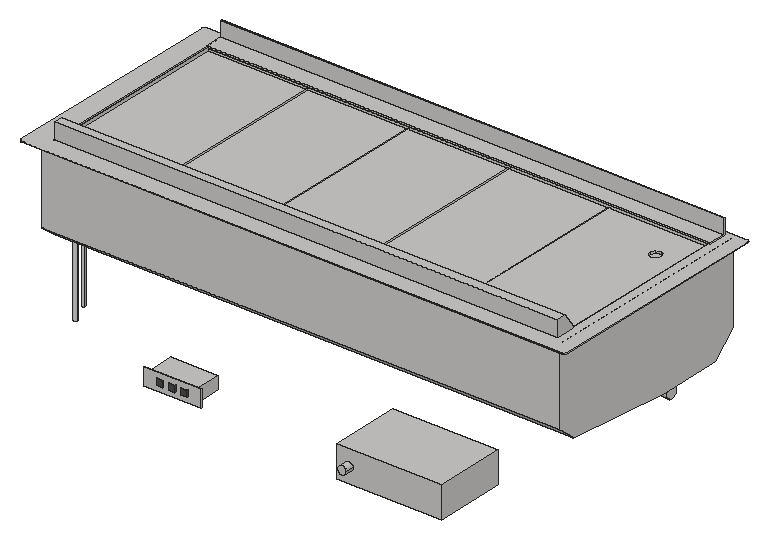
Revit family "QF_ELECTROLUXPROFESSIONAL_341101_D12R5", category Specialty Equipment, Revit 2018
Family settings
  Round Connector Dimension = Use Diameter
  Part Type = Normal
  Work Plane-Based = No
  Always vertical = Yes
  Cut with Voids When Loaded = No
  Shared = No
  Room Calculation Point = No
Parameters (values of type "Standard")
  Weight = 0.00 kg
  Watts = 0 W
  Volts = 220 V
  URL Manufacturer = "http://professional.electrolux.com"
  URL = "http://professional.electrolux.com"
  Steam Supply Size = 0 mm
  Steam Supply Minimum Pressure = 0.0 Pa
  Steam Supply Maximum Pressure = 0.0 Pa
  Steam Pounds per Hour = 0
  Show Clearance [instance] = yes
  Remote Electrical Box_Z [instance] = 200.00 mm
  Remote Electrical Box_Y [instance] = 500.00 mm
  Remote Electrical Box_X [instance] = 1000.00 mm
  Refrigeration Suction Line Size = 0 mm
  Refrigeration Liquid Line Size = 0 mm
  Refrigerant Compressor Remote = yes
  Manufacturer = "Electrolux Professional"
  Phase = 1
  Model = "D12R5"
  Length Actual = 1770.00 mm  # constant formula
  Item Number = "341101"
  Hot Water Size = 0 mm
  Height Actual = 390.00 mm  # constant formula
  HP = "0.2 HP"
  Gas Size = 0 mm
  Gas KW = 0
  Gas Input Pressure = 0 W
  Direct Waste Size = 25.4 mm
  Description = "DROP-IN REMOTE, REFRIGERATED WELL, VENTILATED, 5GN"
  Depth Actual = 750.00 mm  # constant formula
  Cycle = 50 Hz
  Controller_Y [instance] = 500.00 mm
  Controller_1Z [instance] = 200.00 mm
  Controller_1X [instance] = 300.00 mm
  Condensate Return Size = 0 mm
  Compressed Air Volume = 0.0 L/s
  Compressed Air Size = 0 mm
  Compressed Air Pressure = 0.0 Pa
  Cold Water Size = 0 mm
  Accessory = yes
Types (2, lengths in mm): name | Volts | URL Manufacturer | URL | Manufacturer | Phase | Model | Item Number | Description | Cycle
  341049.rfa | 0 V | "" | 0.00 | 0.00 | 0 | 0.00 | "" | 0.00 | 0 Hz
  Standard | 220 V | "http://professional.electrolux.com" | "http://professional.electrolux.com" | "Electrolux Professional" | 1 | "D12R5" | "341101" | "DROP-IN REMOTE, REFRIGERATED WELL, VENTILATED, 5GN" | 50 Hz
Reference planes
  plane 1 "Centro (Fronte/Retro)": y = 74.737
  plane 2: z = 0
  plane 3 "BACK": y = 449.737
  plane 4 "FRONT": y = -300.263
  plane 5 "RIGHT": x = 370.731
  plane 6 "LEFT": x = -1399.269
  plane 7: x = -514.269
  plane 8 "TOP": z = 900
  plane 9: y = 417.737
  plane 10: y = -268.263
  plane 11: x = 324.231
  plane 12: x = -1352.769
  plane 13: y = 418.957
  plane 14: y = -244.483
  plane 15: x = -1329.269
  plane 16: x = 300.731
  plane 17: z = 898
  plane 18: x = -1274.269
  plane 19: x = -574.269
  plane 20: x = -1262.269
  plane 21: x = -586.269
  plane 22: x = -1326.269
  plane 23: x = 297.731
  plane 24: y = -229.763
  plane 25: y = 404.237
  plane 26: z = 567.78
  plane 27: z = 220
  plane 28: x = -351.269
  plane 29: x = -25.269
  plane 30: x = -354.269
  plane 31: x = -348.269
  plane 32: x = -28.269
  plane 33: x = -22.269
  plane 34: x = -677.269
  plane 35: x = -680.269
  plane 36: x = -674.269
  plane 37: x = -1003.269
  plane 38: x = -1006.269
  plane 39: x = -1000.269
  plane 40 "1": y = 258.737
  plane 41: x = 217.981
  plane 42: y = -195.263
  plane 43: y = 344.737
  plane 44: x = -1099.269
  plane 45: x = -399.269
  plane 46: y = -50.263
  plane 47: y = -50.263
  plane 48: z = 200
  plane 49: z = 200
Forms (mm)
  Extrusion 1, solid, material "QF_Finishes_Stainless Steel"
    sketch origin (0, 0, 900) x (-1, 0, 0) y (0, -1, 0)
      loop
        arc (1389.269, -449.737) -> (1396.34, -446.808) -> (1399.269, -439.737) r 10
        line (1399.269, -439.737) -> (1399.269, 290.263)
        arc (1399.269, 290.263) -> (1396.34, 297.334) -> (1389.269, 300.263) r 10
        line (1389.269, 300.263) -> (-360.731, 300.263)
        arc (-360.731, 300.263) -> (-367.802, 297.334) -> (-370.731, 290.263) r 10
        line (-370.731, 290.263) -> (-370.731, -439.737)
        arc (-370.731, -439.737) -> (-367.802, -446.808) -> (-360.731, -449.737) r 10
        line (-360.731, -449.737) -> (1389.269, -449.737)
      loop
        line (1329.269, -418.957) -> (1329.269, 244.483) -> (-300.731, 244.483) -> (-300.731, -418.957) -> (1329.269, -418.957)
    from 0 to -2
  Extrusion 2, solid, material "QF_Finishes_Stainless Steel"
    sketch origin (231.731, 362.737, 0) x (0, -1, 0) y (0, 0, -1)
      loop
        line (625.5, -646.61) -> (569.68, -599.771) -> (204.019, -567.78) -> (-4.68, -567.78) -> (-74.5, -637.6) -> (-74.5, -898) -> (625.5, -898) -> (625.5, -646.61)
    from -1584.5 to 92.5
  Extrusion 3, solid, material "QF_Finishes_Stainless Steel"
    sketch origin (231.731, 362.737, 0) x (0, -1, 0) y (0, 0, -1)
      loop
        line (603, -950.5) -> (603, -898) -> (543, -898) -> (543, -905.079) -> (576, -950.5) -> (603, -950.5)
      loop
        line (-72, -950.5) -> (-67, -950.5) -> (-67, -903) -> (-12, -903) -> (-12, -898) -> (-72, -898) -> (-72, -950.5)
    from -1561 to 69
  Extrusion 4, void
    sketch origin (0, 0, 900) x (-1, 0, 0) y (0, -1, 0)
      loop
        line (1326.269, 180.263) -> (-297.731, 180.263) -> (-297.731, -374.737) -> (1326.269, -374.737) -> (1326.269, 180.263)
    from 0 to -15
  Extrusion 5, solid, material "QF_Finishes_Stainless Steel"
    sketch origin (0, 0, 900) x (-1, 0, 0) y (0, -1, 0)
      loop
        line (1006.269, -374.737) -> (1326.269, -374.737) -> (1326.269, 180.263) -> (1006.269, 180.263) -> (1006.269, -374.737)
    from -15 to -10
  Extrusion 6, solid, material "QF_Finishes_Stainless Steel"
    sketch origin (-1028.537, 0, 900) x (1, 0, 0) y (0, 1, 0)
      loop
        line (1006.269, 374.737) -> (1006.269, -180.263) -> (1326.269, -180.263) -> (1326.269, 374.737) -> (1006.269, 374.737)
    from -15 to -10
  Extrusion 7, solid, material "QF_Finishes_Stainless Steel"
    sketch origin (327.813, 0, 900) x (-1, 0, 0) y (0, -1, 0)
      loop
        line (356.082, -374.737) -> (676.082, -374.737) -> (676.082, 180.263) -> (356.082, 180.263) -> (356.082, -374.737)
    from -15 to -10
  Extrusion 8, solid, material "QF_Finishes_Stainless Steel"
    sketch origin (-1683.757, 0, 900) x (1, 0, 0) y (0, 1, 0)
      loop
        line (1009.489, 374.737) -> (1009.489, -180.263) -> (1329.489, -180.263) -> (1329.489, 374.737) -> (1009.489, 374.737)
    from -15 to -10
  Extrusion 9, solid, material "QF_Finishes_Stainless Steel"
    sketch origin (-2009.845, 0, 900) x (1, 0, 0) y (0, 1, 0)
      loop
        line (1009.577, 374.737) -> (1009.577, -180.263) -> (1329.577, -180.263) -> (1329.577, 374.737) -> (1009.577, 374.737)
    from -15 to -10
  Extrusion 10, void
    sketch origin (811.295, 184, 535.31) x (0, -1, 0) y (-1, 0, 0)
      loop
        circle (-74.737, 593.314) r 18
    from -32.47 to -354.69
  Sweep 11, solid, material "QF_Finishes_Stainless Steel"
    path origin (0, 258.737, 0) x (-1, 0, 0) y (0, 0, 1)
      loop
        line (-217.981, 567.78) -> (-217.981, 508) -> (-269.731, 508)
    profile origin (217.981, 258.737, 537.89) x (0, 1, 0) y (-1, 0, 0)
      loop
        circle (0, 0) r 18
  Extrusion 12, solid, material "QF_Finishes_Stainless Steel"
    sketch origin (-712, -65, 682) x (-1, 0, 0) y (0, -1, 0)
      loop
        circle (566.269, 155.263) r 6.35
    from -58.18 to -296
  Extrusion 13, solid, material "QF_Finishes_Stainless Steel"
    sketch origin (-787, -65, 682) x (-1, 0, 0) y (0, -1, 0)
      loop
        circle (466.269, 155.263) r 4.76
    from -58.18 to -246
Cuts and joins
  Extrusion 4 cuts Extrusion 3
  Extrusion 4 cuts Extrusion 2
  Extrusion 10 cuts Extrusion 6
Lines and regions (mm)
  symbolic lines
    curve 1: line (360.731, 449.737, 900) -> (-1389.269, 449.737, 900)
    curve 2: arc (-1389.269, 449.737, 900) -> (-1396.34, 446.808, 900) -> (-1399.269, 439.737, 900) r 10
    curve 3: line (-1399.269, 439.737, 900) -> (-1399.269, -290.263, 900)
    curve 4: arc (-1399.269, -290.263, 900) -> (-1396.34, -297.334, 900) -> (-1389.269, -300.263, 900) r 10
    curve 5: line (-1389.269, -300.263, 900) -> (360.731, -300.263, 900)
    curve 6: arc (360.731, -300.263, 900) -> (367.802, -297.334, 900) -> (370.731, -290.263, 900) r 10
    curve 7: line (370.731, -290.263, 900) -> (370.731, 439.737, 900)
    curve 8: arc (370.731, 439.737, 900) -> (367.802, 446.808, 900) -> (360.731, 449.737, 900) r 10
    curve 9: line (-1329.269, 434.737, 900) -> (300.731, 434.737, 900)
    curve 10: line (300.731, 434.737, 900) -> (300.731, -244.483, 900)
    curve 11: line (300.731, -244.483, 900) -> (-1329.269, -244.483, 900)
    curve 12: line (-1329.269, -244.483, 900) -> (-1329.269, 434.737, 900)
    curve 13: line (300.731, 429.737, 900) -> (-1329.269, 429.737, 900)
    curve 14: line (-1329.269, 374.737, 900) -> (300.731, 374.737, 900)
    curve 15: line (300.731, -180.263, 900) -> (-1329.269, -180.263, 900)
    curve 16: line (300.731, -213.263, 900) -> (-1329.269, -213.263, 900)
    curve 17: line (-1329.269, -240.263, 900) -> (300.731, -240.263, 900)
    curve 18: line (-354.269, -180.263, 900) -> (-354.269, 374.737, 900)
    curve 19: line (-348.269, 374.737, 900) -> (-348.269, -180.263, 900)
    curve 20: line (-1326.269, 374.737, 900) -> (-1326.269, -180.263, 900)
    curve 21: line (297.731, -180.263, 900) -> (297.731, 374.737, 900)
    curve 22: line (-28.269, -180.263, 900) -> (-28.269, 374.737, 900)
    curve 23: line (-22.269, 374.737, 900) -> (-22.269, -180.263, 900)
    curve 24: line (-1006.269, -180.263, 900) -> (-1006.269, 374.737, 900)
    curve 25: line (-1000.269, 374.737, 900) -> (-1000.269, -180.263, 900)
    curve 26: line (-680.269, -180.263, 900) -> (-680.269, 374.737, 900)
    curve 27: line (-674.269, 374.737, 900) -> (-674.269, -180.263, 900)
    curve 36: arc (235.981, 258.737, 900) -> (217.981, 240.737, 900) -> (199.981, 258.737, 900) r 18
    curve 37: arc (199.981, 258.737, 900) -> (217.981, 276.737, 900) -> (235.981, 258.737, 900) r 18
  symbolic lines, style "SpecialityEquipmentHiddenLines"
    curve 28: line (-1274.269, 344.737, 900) -> (-574.269, 344.737, 900)
    curve 29: line (-1274.269, -195.263, 900) -> (-1274.269, 344.737, 900)
    curve 30: line (-574.269, -195.263, 900) -> (-1274.269, -195.263, 900)
    curve 31: line (-574.269, 344.737, 900) -> (-574.269, -195.263, 900)
    curve 32: line (324.231, 437.237, 900) -> (-1352.769, 437.237, 900)
    curve 33: line (-1352.769, 437.237, 900) -> (-1352.769, -262.763, 900)
    curve 34: line (-1352.769, -262.763, 900) -> (324.231, -262.763, 900)
    curve 35: line (324.231, -262.763, 900) -> (324.231, 437.237, 900)
Dimensions and locks
  plane 6 "LEFT" to plane 5 "RIGHT" = 1770.00 mm
  equal spacing: plane 3 "BACK", plane 1 "Centro (Fronte/Retro)", plane 4 "FRONT"
  plane 3 "BACK" to plane 4 "FRONT" = 750.00 mm
  plane 6 "LEFT" to plane 7 to plane 5 "RIGHT" = 885.00 mm, 885.00 mm
  locked: plane 8 "TOP" to plane 2 at 900
  locked: plane 6 "LEFT" to plane 12 at 46.5
  locked: plane 11 to plane 5 "RIGHT" at 46.5
  locked: plane 3 "BACK" to plane 9 at 32
  locked: plane 10 to plane 4 "FRONT" at 32
  locked: plane 3 "BACK" to plane 13 at 30.78
  locked: plane 14 to plane 4 "FRONT" at 55.78
  plane 6 "LEFT" to plane 15 = 70.00 mm
  plane 16 to plane 5 "RIGHT" = 70.00 mm
  locked: plane 8 "TOP" to plane 17 at 2
  plane 19 to plane 18 = 700.00 mm
  locked: plane 20 to plane 18 at 12
  locked: plane 19 to plane 21 at 12
  locked: plane 15 to plane 22 at 3
  locked: plane 23 to plane 16 at 3
  plane 8 "TOP" to plane 26 = 332.22 mm
  plane 8 "TOP" to plane 27 = 680.00 mm
  equal spacing: plane 15, plane 37, plane 34, plane 28, plane 29, plane 16
  plane 35 to plane 34 to plane 36 = 3.00 mm locked, 3.00 mm locked
  plane 30 to plane 28 to plane 31 = 3.00 mm locked, 3.00 mm locked
  plane 32 to plane 29 to plane 33 = 3.00 mm locked, 3.00 mm locked
  plane 38 to plane 37 to plane 39 = 3.00 mm locked, 3.00 mm locked
  plane 18 to plane 6 "LEFT" = 125.00 mm
  plane 15 to plane 16 = 1630.00 mm
  plane 26 to plane 27 = 347.78 mm
  equal spacing: plane 42, plane 1 "Centro (Fronte/Retro)", plane 43
  plane 42 to plane 43 = 540.00 mm
  "Controller_Y": plane 3 "BACK" to plane 47
  "Remote Electrical Box_Y": plane 3 "BACK" to plane 46
  "Controller_1X": plane 6 "LEFT" to plane 44
  "Remote Electrical Box_X": plane 6 "LEFT" to plane 45
  "Controller_1Z": plane 48 to plane 2
  "Remote Electrical Box_Z": plane 49 to plane 2
  aligned and locked: level to plane 2
  aligned and locked: Extrusion 1 sketch curve to plane 3 "BACK"
  aligned and locked: plane 6 "LEFT" to Extrusion 1 sketch curve
  aligned and locked: plane 4 "FRONT" to Extrusion 1 sketch curve
  aligned and locked: Extrusion 1 sketch curve to plane 5 "RIGHT"
  aligned and locked: Extrusion 1 sketch curve to plane 13
  aligned and locked: plane 15 to Extrusion 1 sketch curve
  aligned and locked: Extrusion 1 sketch curve to plane 14
  aligned and locked: Extrusion 1 sketch curve to plane 16
  aligned and locked: Extrusion 1 to plane 17
  aligned and locked: Extrusion 1 to Extrusion 2 sketch curve
  aligned and locked: plane 11 to Extrusion 2
  aligned and locked: Extrusion 3 to Extrusion 1  (x2)
  aligned and locked: Extrusion 4 sketch curve to cut or joined group of Extrusion 3, Extrusion 4  (x2)
  aligned and locked: Extrusion 4 sketch curve to plane 22
  aligned and locked: plane 23 to Extrusion 4 sketch curve
  aligned and locked: Extrusion 5 sketch curve to cut or joined group of Extrusion 3, Extrusion 4
  aligned and locked: Extrusion 5 sketch curve to cut or joined group of Extrusion 2, Extrusion 4  (x2)
  aligned and locked: Extrusion 1 to Extrusion 3  (x2)
  aligned and locked: plane 26 to cut or joined group of Extrusion 2, Extrusion 4
  aligned and locked: Extrusion 6 to plane 33
  aligned and locked: Extrusion 7 to plane 32
  aligned and locked: Extrusion 7 to plane 31
  aligned and locked: Extrusion 8 to plane 36
  aligned and locked: Extrusion 8 to plane 30
  aligned and locked: Extrusion 5 to plane 38
  aligned and locked: Extrusion 9 to plane 35
  aligned and locked: Extrusion 9 to plane 39
  aligned and locked: plane 44 to nested 1
  aligned and locked: plane 45 to nested 2
  aligned and locked: plane 46 to nested 2
  aligned and locked: plane 47 to nested 1
  aligned and locked: plane 49 to nested 2
  aligned and locked: nested 1 to plane 48
Automatic sketch dimensions
  Extrusion 1 sketch curve to plane 5 "RIGHT" = 10.00 mm
  Extrusion 1 sketch curve to plane 3 "BACK" = 10.00 mm  (x2)
  plane 4 "FRONT" to Extrusion 1 sketch curve = 10.00 mm
  Extrusion 2 sketch curve to plane 26 = 0.00 mm
  Extrusion 2 sketch curve to plane 3 "BACK" = 12.50 mm
  plane 25 to Extrusion 2 sketch curve = 36.82 mm
  Extrusion 2 sketch curve to plane 1 "Centro (Fronte/Retro)" = 83.981 mm
  plane 24 to Extrusion 2 sketch curve = 22.82 mm
  plane 10 to Extrusion 2 sketch curve = 5.50 mm
  plane 26 to Extrusion 2 sketch curve = 78.83 mm
  plane 26 to Extrusion 2 sketch curve = 69.82 mm
  plane 26 to Extrusion 2 sketch curve = 31.991 mm
  Extrusion 3 sketch curve to plane 17 = 0.00 mm  (x2)
  Extrusion 3 sketch curve to plane 3 "BACK" = 15.00 mm
  plane 8 "TOP" to Extrusion 3 sketch curve = 3.00 mm
  Extrusion 3 sketch curve to Extrusion 3 sketch curve = 5.00 mm
  plane 25 to Extrusion 3 sketch curve = 29.50 mm
  plane 8 "TOP" to Extrusion 3 sketch curve = 5.079 mm
  plane 24 to Extrusion 3 sketch curve = 49.50 mm
  plane 24 to Extrusion 3 sketch curve = 16.50 mm
  plane 14 to Extrusion 3 sketch curve = 4.22 mm
  Extrusion 3 sketch curve to Extrusion 3 sketch curve = 47.50 mm
  plane 8 "TOP" to Extrusion 3 sketch curve = 50.50 mm
  Extrusion 5 sketch curve to plane 38 = 0.00 mm
  Extrusion 6 sketch curve to plane 33 = 0.00 mm
  Extrusion 6 sketch curve to plane 23 = 0.00 mm
  Extrusion 6 sketch curve to plane 25 = 29.50 mm
  Extrusion 6 sketch curve to plane 24 = 49.50 mm
  Extrusion 7 sketch curve to plane 32 = 0.00 mm
  Extrusion 7 sketch curve to plane 31 = 0.00 mm
  plane 25 to Extrusion 7 sketch curve = 29.50 mm
  plane 24 to Extrusion 7 sketch curve = 49.50 mm
  Extrusion 8 sketch curve to plane 36 = 0.00 mm
  Extrusion 8 sketch curve to plane 30 = 0.00 mm
  Extrusion 8 sketch curve to plane 25 = 29.50 mm
  Extrusion 8 sketch curve to plane 24 = 49.50 mm
  Extrusion 9 sketch curve to plane 39 = 0.00 mm
  Extrusion 9 sketch curve to plane 35 = 0.00 mm
  Extrusion 9 sketch curve to plane 25 = 29.50 mm
  Extrusion 9 sketch curve to plane 24 = 49.50 mm
  Extrusion 10 sketch curve to Extrusion 10 sketch curve = 0.00 mm  (x2)
  Extrusion 10 sketch curve to plane 40 "1" = 0.00 mm
  Extrusion 10 sketch curve to plane 41 = 0.00 mm
  Extrusion 10 sketch curve to Extrusion 10 sketch curve = 18.00 mm
  plane 41 to Sweep 11 sketch curve = 0.00 mm
  Sweep 11 sketch curve to plane 26 = 0.00 mm
  Sweep 11 sketch curve to plane 26 = 59.78 mm
  Sweep 11 sketch curve to plane 23 = 28.00 mm
  Sweep 11 sketch curve to Sweep 11 sketch curve = 0.00 mm  (x2)
  Sweep 11 sketch curve to plane 40 "1" = 0.00 mm
  Sweep 11 sketch curve to profile plane = 0.00 mm
  Sweep 11 sketch curve to Sweep 11 sketch curve = 18.00 mm
  curve 7 to plane 5 "RIGHT" = 0.00 mm
  curve 8 to plane 3 "BACK" = 0.00 mm
  curve 6 to plane 4 "FRONT" = 0.00 mm
  curve 35 to plane 11 = 0.00 mm
  plane 14 to curve 11 = 0.00 mm
  curve 11 to plane 16 = 0.00 mm
  curve 21 to plane 23 = 0.00 mm
  curve 23 to plane 33 = 0.00 mm
  curve 22 to plane 32 = 0.00 mm
  curve 19 to plane 31 = 0.00 mm
  curve 18 to plane 30 = 0.00 mm
  curve 28 to plane 19 = 0.00 mm
  curve 27 to plane 36 = 0.00 mm
  curve 26 to plane 35 = 0.00 mm
  curve 25 to plane 39 = 0.00 mm
  curve 24 to plane 38 = 0.00 mm
  curve 29 to plane 18 = 0.00 mm
  curve 20 to plane 22 = 0.00 mm
  curve 16 to plane 15 = 0.00 mm
  curve 33 to plane 12 = 0.00 mm
  curve 4 to plane 6 "LEFT" = 0.00 mm
  curve 28 to plane 43 = 0.00 mm
  curve 30 to plane 42 = 0.00 mm
  curve 7 to curve 8 = 10.00 mm
  plane 4 "FRONT" to curve 6 = 10.00 mm
  plane 6 "LEFT" to curve 1 = 10.00 mm
  plane 4 "FRONT" to curve 4 = 10.00 mm
  curve 33 to plane 3 "BACK" = 12.50 mm
  curve 10 to plane 3 "BACK" = 15.00 mm
  plane 10 to curve 34 = 5.50 mm
  curve 9 to curve 13 = 5.00 mm
  plane 25 to curve 20 = 29.50 mm
  plane 42 to curve 18 = 15.00 mm
  plane 24 to curve 16 = 16.50 mm
  curve 17 to curve 11 = 4.22 mm
  curve 36 to curve 37 = 0.00 mm  (x2)
  curve 37 to plane 40 "1" = 0.00 mm
  curve 37 to plane 41 = 0.00 mm
  curve 37 to curve 36 = 18.00 mm
  Extrusion 12 sketch curve to plane 18 = 4.00 mm
  plane 24 to Extrusion 12 sketch curve = 9.50 mm
  plane 20 to Extrusion 13 sketch curve = 9.00 mm
  plane 24 to Extrusion 13 sketch curve = 9.50 mm
  radius of Extrusion 12 sketch curve = 6.35 mm
  radius of Extrusion 13 sketch curve = 4.76 mm
Nested families
  nested 1: "Controller" at (-1099.269, -50.263, 200), type "Controller"
  nested 2: "Remote_Electrical_Box" at (-399.269, 64.737, 100), type "Remote_Electrical_Box"
  nested 3: "Refrigerator" at (190.731, -110.263, 900), type "Refrigerator"
Connectors
  piping at (269.731, 258.737, 508), diameter 36
    settings: on Sweep 11, index 1, connector inside diameter 609.6 mm, connector length 0.00 mm, flow factor 0, pipe flow 0.0 L/s, pressure drop 0.0 Pa, fitting loss kfactor 0, connector angle 0.00°, fixture units 0, engagement length 0.00 mm, angle of deflection 0.00°, flow configuration 1, flow direction 1, fitting loss method 0, system type 16, joint type 0, gender type 0, connector reference index -1, connector utility 0, adjustable connector no, is connector primary yes, connector description "Drain"
  electrical at (-529.269, -77.263, 149.381)
    settings: on nested 2, index 2, voltage 0 V, apparent load 0 VA, apparent load phase1 0 VA, apparent load phase2 0 VA, apparent load phase3 0 VA, power factor 1, load classification "Altro", number of poles 1, system type 14, power factor state 1, is connector primary yes, connector utility no, sub classification motor no, connector description ""
  piping at (-1278.269, -220.263, 386), diameter 12.7
    settings: on Extrusion 12, index 22, connector inside diameter 609.6 mm, connector length 0.00 mm, flow factor 0, pipe flow 0.0 L/s, pressure drop 0.0 Pa, fitting loss kfactor 0, connector angle 0.00°, fixture units 0, engagement length 0.00 mm, angle of deflection 0.00°, flow configuration 1, flow direction 1, fitting loss method 0, system type 22, joint type 0, gender type 0, connector reference index -1, connector utility 0, adjustable connector no, is connector primary no, connector description ""
  piping at (-1253.269, -220.263, 436), diameter 9.52
    settings: on Extrusion 13, index 23, connector inside diameter 609.6 mm, connector length 0.00 mm, flow factor 0, pipe flow 0.0 L/s, pressure drop 0.0 Pa, fitting loss kfactor 0, connector angle 0.00°, fixture units 0, engagement length 0.00 mm, angle of deflection 0.00°, flow configuration 1, flow direction 1, fitting loss method 0, system type 23, joint type 0, gender type 0, connector reference index -1, connector utility 0, adjustable connector no, is connector primary no, connector description ""
Definition of nested family "Controller"
  Reference planes
    plane 1 "Center (Front/Back)": y = 0
    plane 2: z = 0
    plane 3 "Center (Left/Right)": x = 0
  Forms (mm)
    Extrusion 1, solid
      sketch origin (0, 44.769, -48.2) x (1, 0, 0) y (0, 1, 0)
        loop
          line (-76, 43.231) -> (-76, -47.65) -> (76, -47.65) -> (76, 43.231) -> (-76, 43.231)
      from 6.2 to 48.2
    Extrusion 2, solid
      sketch origin (0, 44.769, -48.2) x (1, 0, 0) y (0, 0, 1)
        loop
          line (-92.25, 54.4) -> (-92.25, 0) -> (92.25, 0) -> (92.25, 54.4) -> (-92.25, 54.4)
        loop
          line (-76, 48.2) -> (-76, 6.2) -> (76, 6.2) -> (76, 48.2) -> (-76, 48.2)
      from 44.769 to 47.65
    Extrusion 3, solid
      sketch origin (76, -2.881, -48.2) x (-1, 0, 0) y (0, 0, -1)
        loop
          line (106, -37.2) -> (126, -37.2) -> (126, -17.2) -> (106, -17.2) -> (106, -37.2)
        loop
          line (66, -37.2) -> (86, -37.2) -> (86, -17.2) -> (66, -17.2) -> (66, -37.2)
        loop
          line (26, -37.2) -> (46, -37.2) -> (46, -17.2) -> (26, -17.2) -> (26, -37.2)
      from 0 to 2
    Extrusion 4, void
      sketch origin (0, 0, 0) x (1, 0, 0) y (0, 1, 0)
        loop
          line (76, 88) -> (-76, 88) -> (-76, 0) -> (76, 0) -> (76, 88)
      from 0 to -42
  Cuts and joins
    Extrusion 4 cuts Extrusion 2
    joined: Extrusion 1, Extrusion 2
  Lines and regions (mm)
    symbolic lines
      curve 1: line (-76, 88, 0) -> (-76, 0, 0)
      curve 2: line (76, 88, 0) -> (-76, 88, 0)
      curve 3: line (76, 0, 0) -> (76, 88, 0)
      curve 4: line (-92.25, -2.881, 0) -> (92.25, -2.881, 0)
      curve 5: line (-92.25, 0, 0) -> (-92.25, -2.881, 0)
      curve 6: line (92.25, 0, 0) -> (-92.25, 0, 0)
      curve 7: line (92.25, -2.881, 0) -> (92.25, 0, 0)
  Dimensions and locks
    aligned and locked: level to plane 2
Definition of nested family "Remote_Electrical_Box"
  Parameters (values of type "Remote_Electrical_Box")
    Default Elevation = 1219.20 mm
  Reference planes
    plane 1 "Center (Front/Back)": y = 0
    plane 2: z = 0
    plane 3 "Center (Left/Right)": x = 0
    plane 4: x = -170
    plane 5: x = 170
    plane 6: y = 115
    plane 7: y = -115
    plane 8: z = 100
    plane 9: z = 50
  Forms (mm)
    Extrusion 1, solid
      sketch origin (0, 0, 0) x (1, 0, 0) y (0, 1, 0)
        loop
          line (-170, 115) -> (-170, -115) -> (170, -115) -> (170, 115) -> (-170, 115)
      from 0 to 100
    Extrusion 2, solid
      sketch origin (0, 0, 0) x (1, 0, 0) y (0, 0, 1)
        loop
          circle (-130, 49.381) r 13
      from 115 to 142
  Lines and regions (mm)
    symbolic lines
      curve 1: line (-170, 115, 0) -> (170, 115, 0)
      curve 2: line (-170, -115, 0) -> (-170, 115, 0)
      curve 3: line (170, -115, 0) -> (-170, -115, 0)
      curve 4: line (170, 115, 0) -> (170, -115, 0)
      curve 5: line (-143, -142, 0) -> (-117, -142, 0)
      curve 6: line (-143, -142, 0) -> (-143, -115, 0)
      curve 7: line (-117, -142, 0) -> (-117, -115, 0)
  Dimensions and locks
    equal spacing: plane 4, plane 3 "Center (Left/Right)", plane 5
    equal spacing: plane 6, plane 1 "Center (Front/Back)", plane 7
    plane 4 to plane 5 = 340.00 mm
    plane 6 to plane 7 = 230.00 mm
    Extrusion 1 to Extrusion 2 sketch curve = 40.00 mm
    equal spacing: plane 8, plane 9, plane 2
    aligned and locked: level to plane 2
    aligned and locked: Extrusion 1 sketch curve to plane 6
    aligned and locked: plane 4 to Extrusion 1 sketch curve
    aligned and locked: plane 7 to Extrusion 1 sketch curve
    aligned and locked: Extrusion 1 sketch curve to plane 5
    aligned and locked: plane 7 to Extrusion 2
    aligned and locked: plane 8 to Extrusion 1
  Automatic sketch dimensions
    level to Extrusion 2 sketch curve = 49.381 mm
    curve 3 to plane 4 = 0.00 mm
    curve 7 to plane 7 = 0.00 mm
    curve 3 to plane 5 = 0.00 mm
    curve 2 to plane 6 = 0.00 mm
    plane 4 to curve 6 = 27.00 mm
    curve 5 to curve 6 = 27.00 mm
    curve 6 to curve 7 = 26.00 mm
    radius of Extrusion 2 sketch curve = 13.00 mm
Definition of nested family "Refrigerator"
  Reference planes
    plane 1 "Center (Front/Back)": y = 0
    plane 2: z = 0
    plane 3 "Center (Left/Right)": x = 0
  Lines and regions (mm)
    detail lines, in view "Ref. Level"
      curve 1: line (0, -60, 0) -> (0, 60, 0)
      curve 2: line (-51.962, 30, 0) -> (51.962, -30, 0)
      curve 3: line (-51.962, -30, 0) -> (51.962, 30, 0)
      curve 4: line (19.116, 56.873, 0) -> (0, 35, 0)
      curve 5: line (0, 35, 0) -> (-19.116, 56.873, 0)
      curve 6: line (-30.311, 17.5, 0) -> (-40, 45.883, 0)
      curve 7: line (-59.736, 11.7, 0) -> (-30.311, 17.5, 0)
      curve 8: line (-30.311, -17.5, 0) -> (-59.736, -11.7, 0)
      curve 9: line (-40, -45.883, 0) -> (-30.311, -17.5, 0)
      curve 10: line (0, -35, 0) -> (-19.116, -56.873, 0)
      curve 11: line (19.116, -56.873, 0) -> (0, -35, 0)
      curve 12: line (30.311, -17.5, 0) -> (39.696, -44.992, 0)
      curve 13: line (58.812, -11.882, 0) -> (30.311, -17.5, 0)
      curve 14: line (30.311, 17.5, 0) -> (58.812, 11.882, 0)
      curve 15: line (39.696, 44.992, 0) -> (30.311, 17.5, 0)
